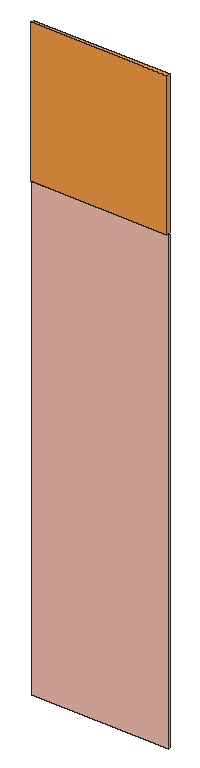
Revit family "EXP_WT-1B_CPan-002", category Curtain Panels, Revit 2021
Family settings
  OmniClass Number = 23.25.20.14.11.11.17
  OmniClass Title = Infill Panels
  Always vertical = Yes
  Cut with Voids When Loaded = No
  Shared = No
Parameters (values of type "H1 = 7' 3 1/2"")
  UI-UnitNumber [instance] = "001"
  UI-Quadrant [instance] = "SE"
  UI-ProjectAbbreviation = "NEU"
  UI-ItemCategory = "PID"
  UI-FloorNumber [instance] = "03"
  PNT-WallType = "WT1B"
  PNT-ProjectAbbreviation = "NEU"
  PNT-PanelType [instance] = "01"
  PNT-ItemCategory = "PNL"
  GlassSPH2(x2) [instance] = 0' - 1 1/8"
  GlassSPH1 [instance] = 0' - 2 3/16"
  GlassH2 [instance] = IG-2F(Glass)
  GlassH1 [instance] = IG-4F(Glass)
  Define Thermal Properties by = Schematic Type
  CellSp = 0' - 10 3/16"
  CellL [instance] = 7' - 0"
  CellH2 [instance] = CellH - CellH1  # 23' - 2 1/2"
  CellH1 = 7' - 3 1/2"
  CellH [instance] = 30' - 6"
  Analytic Construction = "<None>"
Types (2): name | CellH2 | CellH1
  H1 = 7' 3 1/2" | 23' - 2 1/2" | 7' - 3 1/2"
  H1 = 11' 1" | 28' - 7" | 1' - 11"
Reference planes (in)
  plane 1 "Center (Front/Back)": y = 0
  plane 2: z = 0
  plane 3 "Center (Left/Right)": x = 0
  plane 4 "Left": x = -42
  plane 5 "Right": x = 42
  plane 6 "Top": z = 366
  plane 7: z = 278.5
  plane 8: y = -10.1875
Forms (in)
  Extrusion 1, solid, material "IG-2F(Glass)" <- "GlassH2", detail levels coarse+medium
    sketch origin (0, 0, 0) x (0, 1, 0) y (0, 0, 1)
      loop
        line (-10.1875, 278.5) -> (-10.1875, 0) -> (0, 0) -> (0, 278.5) -> (-10.1875, 278.5)
    from -42 to 42
  Extrusion 2, solid, material "IG-4F(Glass)" <- "GlassH1", detail levels coarse+medium
    sketch origin (0, 0, 0) x (0, 1, 0) y (0, 0, 1)
      loop
        line (-10.1875, 366) -> (-10.1875, 278.5) -> (0, 278.5) -> (0, 366) -> (-10.1875, 366)
    from -42 to 42
Text (in)
  text "Exterior" at (-92.59733, 55.75508, 0), in view "Ref. Level"
  text "Exterior" at (0, 90.18664, 173.49264), in view "Left"
  text "Exterior" at (0, 52.29083, 162.21847), in view "Right"
Dimensions and locks (in)
  Extrusion 2 sketch curve to Extrusion 2 sketch curve = 0' - 10 3/16"
  "CellL": plane 4 "Left" to plane 5 "Right"
  equal spacing: plane 4 "Left", plane 3 "Center (Left/Right)", plane 5 "Right"
  "CellSp": plane 8 to plane 1 "Center (Front/Back)"
  "CellH": plane 2 to plane 6 "Top"
  "CellH1": plane 7 to plane 6 "Top"
  aligned and locked: Extrusion 1 sketch curve to plane 7
  aligned and locked: plane 8 to Extrusion 1 sketch curve
  aligned and locked: Extrusion 1 sketch curve to plane 1 "Center (Front/Back)"
  aligned and locked: plane 4 "Left" to Extrusion 1
  aligned and locked: Extrusion 1 to plane 5 "Right"
  aligned and locked: plane 6 "Top" to Extrusion 2 sketch curve
  aligned and locked: plane 8 to Extrusion 2 sketch curve
  aligned and locked: Extrusion 2 sketch curve to Extrusion 1
  aligned and locked: Extrusion 2 to plane 5 "Right"
  aligned and locked: plane 4 "Left" to Extrusion 2
  aligned and locked: plane 1 "Center (Front/Back)" to Extrusion 2
  aligned and locked: level to plane 2
  aligned and locked: Extrusion 1 to plane 2
  aligned and locked: plane 1 "Center (Front/Back)" to nested 1
  aligned and locked: plane 5 "Right" to nested 1
  aligned and locked: plane 2 to Extrusion 1
  aligned and locked: Extrusion 2 to plane 6 "Top"
  aligned and locked: plane 4 "Left" to nested 1
  aligned and locked: plane 1 "Center (Front/Back)" to nested 2
  aligned and locked: plane 7 to nested 2
  aligned and locked: plane 2 to nested 2
  aligned and locked: plane 4 "Left" to nested 2
  aligned and locked: plane 5 "Right" to nested 2
  aligned and locked: plane 1 "Center (Front/Back)" to nested 3
  aligned and locked: nested 3 to plane 6 "Top"
  aligned and locked: plane 7 to nested 3
  aligned and locked: plane 4 "Left" to nested 3
  aligned and locked: plane 5 "Right" to nested 3
Automatic sketch dimensions
  Extrusion 1 sketch curve to plane 7 = 23' - 2 1/2"
Nested families (in)
  nested 1: "EXP_xx_DetO-002" at (0, 0, 0), CellH <- "CellH", CellL <- "CellL", type "EXP_xx_DetO-002", detail levels coarse
    with CellL 7' - 0", CellH 30' - 6"
  nested 2: "EXP_WT-1x_IG-001" at (0, 0, 139.25), MaterialGlass <- "GlassH2", GlassSP <- "GlassSPH2(x2)", type "GlassSP = H2(x2)", detail levels fine
    with MaterialGlass IG-2F(Glass), GlassSP 0' - 1 1/8", GlassL 6' - 10.12598", GlassH 23' - 0.56299", CellL 7' - 0", CellH 23' - 2 1/2"
  nested 3: "EXP_WT-1x_IG-001" at (0, 0, 322.25), MaterialGlass <- "GlassH1", GlassSP <- "GlassSPH1", type "GlassSP = H1", detail levels fine
    with MaterialGlass IG-4F(Glass), GlassSP 0' - 2 3/16", GlassL 6' - 10.12549", GlassH 7' - 1 13/16", CellL 7' - 0", CellH 7' - 3 1/2"
Definition of nested family "EXP_WT-1x_IG-001"
  Parameters (values of type "H2 _ GlassSP = 1 1/4"")
    MaterialGlass [instance] = none
    GlassSP [instance] = 0' - 1 1/4"
    GlassL [instance] = CellL - (GlassD1 + GlassD3)  # 3' - 10.94439"
    GlassH [instance] = CellH - (GlassD2 + GlassD4)  # 6' - 6.64788"
    GlassD4 = 0' - 1.43701"
    GlassD3 = 0' - 0.93701"
    GlassD2 = 0' - 0 1/2"
    GlassD1 = 0' - 0 15/16"
    GMPI-ProjectAbbreviation = "NEU"
    GMPI-IteamCategory = "GLS"
    Default Elevation = 0' - 0"
    CellL [instance] = 4' - 0.8189"
    CellH [instance] = 6' - 8.58489"
  Types (12): name | GlassSP | GlassL | GlassH | GlassD4 | GlassD2 | GlassD1
    H2(x2) _ GlassSP = 2 1/8" | 0' - 2.12598" | 3' - 10.94488" | 6' - 6.64788" | 0' - 1.43701" | 0' - 0 1/2" | 0' - 0.93701"
    H1 _ GlassSP = 1 1/4" | 0' - 1 1/4" | 3' - 10.94439" | 6' - 6.89739" | 0' - 0 1/4" | 0' - 1 7/16" | 0' - 0 15/16"
    H2(x3) _ GlassSP = 2 1/8" | 0' - 2.12598" | 3' - 10.94488" | 6' - 7.83489" | 0' - 0 1/4" | 0' - 0 1/2" | 0' - 0.93701"
    H3 _ GlassSP = 1 1/4" | 0' - 1 1/4" | 3' - 10.94439" | 6' - 6.64788" | 0' - 1.43701" | 0' - 0 1/2" | 0' - 0 15/16"
    H _ GlassSP = 2 1/8" | 0' - 2.12598" | 3' - 10.94488" | 6' - 5.71088" | 0' - 1.43701" | 0' - 1.43701" | 0' - 0.93701"
    H _ GlassSP = 1 1/4" | 0' - 1 1/4" | 3' - 10.94439" | 6' - 5.71088" | 0' - 1.43701" | 0' - 1.43701" | 0' - 0 15/16"
    H2 _ GlassSP = 1 1/4" | 0' - 1 1/4" | 3' - 10.94439" | 6' - 6.64788" | 0' - 1.43701" | 0' - 0 1/2" | 0' - 0 15/16"
    GlassSP = H | 0' - 1 1/4" | 3' - 10.94439" | 6' - 5.71088" | 0' - 1.43701" | 0' - 1.43701" | 0' - 0 15/16"
    GlassSP = H3 | 0' - 1 1/4" | 3' - 10.94439" | 6' - 6.64788" | 0' - 1.43701" | 0' - 0 1/2" | 0' - 0 15/16"
    GlassSP = H2(x3) | 0' - 2.12598" | 3' - 10.94488" | 6' - 7.83489" | 0' - 0 1/4" | 0' - 0 1/2" | 0' - 0.93701"
    GlassSP = H2(x2) | 0' - 2.12598" | 3' - 10.94488" | 6' - 6.64788" | 0' - 1.43701" | 0' - 0 1/2" | 0' - 0.93701"
    GlassSP = H1 | 0' - 1 1/4" | 3' - 10.94439" | 6' - 6.89739" | 0' - 0 1/4" | 0' - 1 7/16" | 0' - 0 15/16"
  Reference planes (in)
    plane 1 "Center (Front/Back)": y = 0
    plane 2: z = 0
    plane 3 "Center (Left/Right)": x = 0
    plane 4: x = -24.40945
    plane 5: x = 24.40945
    plane 6: z = 40.29245
    plane 7: x = -23.47195
    plane 8: x = 23.47244
    plane 9: z = -40.29245
    plane 10: z = 39.79245
    plane 11: z = -38.85544
  Forms (in)
    Extrusion 1, solid, material <- "MaterialGlass"
      sketch origin (0, 0, 0) x (1, 0, 0) y (0, 0, 1)
        loop
          line (-23.47195, -38.85544) -> (23.47244, -38.85544) -> (23.47244, 39.79245) -> (-23.47195, 39.79245) -> (-23.47195, -38.85544)
      from 0 to 1.25 <- "GlassSP"
  Dimensions and locks (in)
    equal spacing: plane 6, level, plane 9
    "CellH": plane 6 to plane 9
    "GlassD2": plane 6 to plane 10
    "GlassD4": plane 11 to plane 9
    equal spacing: plane 4, plane 3 "Center (Left/Right)", plane 5
    "CellL": plane 4 to plane 5
    "GlassD1": plane 4 to plane 7
    "GlassD3": plane 5 to plane 8
    aligned and locked: level to plane 2
    aligned and locked: Extrusion 1 sketch curve to plane 11
    aligned and locked: Extrusion 1 sketch curve to plane 7
    aligned and locked: plane 10 to Extrusion 1 sketch curve
    aligned and locked: plane 8 to Extrusion 1 sketch curve
Definition of nested family "EXP_xx_DetO-002"
  Parameters (values of type "EXP_xx_DetO-002")
    Default Elevation = 0' - 0"
    CellL [instance] = 5' - 4.56693"
    CellH [instance] = 5' - 2.99213"
  Reference planes (in)
    plane 1 "Center (Front/Back)": y = 0
    plane 2: z = 0
    plane 3 "Center (Left/Right)": x = 0
    plane 4: x = -32.28346
    plane 5: x = 32.28346
    plane 6: z = 62.99213
  Lines and regions (in)
    model lines
      curve 1: line (-32.28346, 0, 62.99213) -> (32.28346, 0, 0)
      curve 2: line (32.28346, 0, 62.99213) -> (-32.28346, 0, 0)
  Dimensions and locks (in)
    "CellH": plane 6 to level
    equal spacing: plane 4, plane 3 "Center (Left/Right)", plane 5
    "CellL": plane 4 to plane 5
    aligned and locked: level to plane 2
  Automatic sketch dimensions
    curve 2 to level = 0' - 0"
    plane 4 to curve 2 = 0' - 0"
    plane 4 to curve 1 = 0' - 0"
    plane 5 to curve 2 = 0' - 0"
    curve 1 to level = 0' - 0"
    plane 5 to curve 1 = 0' - 0"
    curve 2 to plane 6 = 0' - 0"
    curve 1 to plane 6 = 0' - 0"
